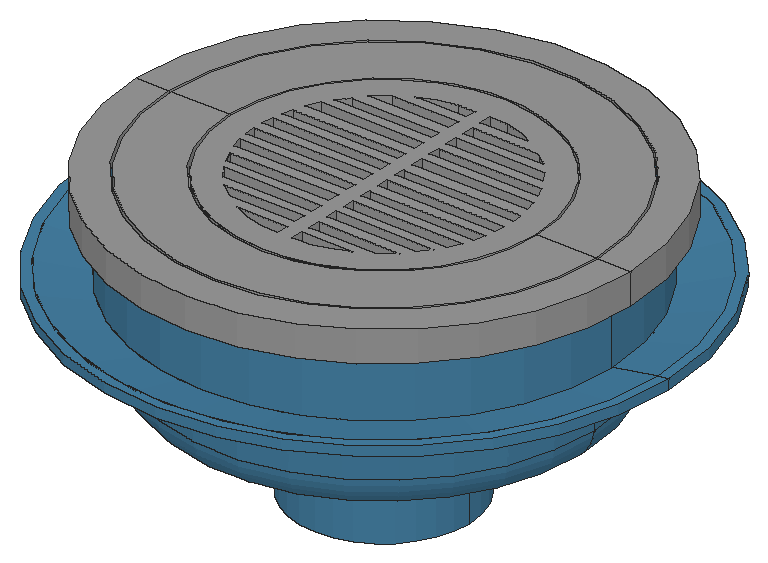
Revit family "Drain_Floor_Medium-Duty_Zurn-Z540_Sur-Set_Bucket", category Plumbing Fixtures, Revit 2022
Family settings
  Round Connector Dimension = Use Radius
  Part Type = Normal
  OmniClass Number = 23.45.55.21
  OmniClass Title = Drains (Wastes)
  Work Plane-Based = No
  Always vertical = Yes
  Cut with Voids When Loaded = No
  Maintain Annotation Orientation = No
  Shared = No
  Room Calculation Point = No
Parameters (values of type "Load Family Type Catalog")
  ZN-Top = yes
  Waste Connection = 1 = 1  # yes
  WFU = 0  # constant formula
  Vent Connection = 1 = 0  # no
  URL = "www.zurn.com"
  Type Comments = "ZN540-4 Inch No-Hub Outlet with Polished Nickel Bronze Top"
  Trap Primer = 1 = 1  # yes
  Top diameter = 1' - 1"
  Outlet Radius = 0' - 2"
  Outlet Outer Radius = 0' - 2 1/4"
  Grate Open Area (Sq. In) = "18"  # constant formula
  Top = Bronze - Zurn - Polished Nickel
  Product data url = "https://bimobject.com/zurnindustries/product/zurn-z540"
  Product Page URL = "http://www.zurn.com/products/building-drainage/floor-drains/area-drains/z540"
  Product Installation Sheet URL = "https://files.zurn.com/care-cleaning-install-warranty-sheets/fd90.pdf"
  Product Documentation Link = "https://files.zurn.com/spec-sheets/z540.pdf"
  Frame Height = 0' - 2 3/16"
  Model = "Z540"  # constant formula
  Main Material = Iron - Zurn - Cast - Painted - Blue
  HWFU = 0  # constant formula
  HW Connection = 1 = 0  # no
  Description = "12-1/4 Diameter Top Medium-Duty Drain with Sur-Set Bucket"  # constant formula
  CWFU = 0  # constant formula
  CW Connection = 1 = 0  # no
  Assembly Code = "D2030300"
  Modified Date = "October 28, 2025"  # constant formula
  Manufacurer Brand = "Zurn"  # constant formula
  Manufacturer = "Zurn Water, LLC"  # constant formula
  E_ Body Height = 0' - 5 1/4"
  Default Elevation = 0' - 4"  # constant formula
  Date Created = "January 6, 2017"  # constant formula
Reference planes (in)
  plane 1 "Center (Front/Back)": y = 0
  plane 2 "Top of Body": z = -2.1875
  plane 3 "Center (Left/Right)": x = 0
  plane 4: through (-4.38902, 4.38902, 48) normal (0.7071, 0.7071, 0)
  plane 5: through (4.7432, 4.7432, 48) normal (0.7071, -0.7071, 0)
  plane 6: x = -7.5
  plane 7: x = 7.5
  plane 8: x = -6.125
  plane 9: x = 6.125
  plane 10: x = -5.8125
  plane 11: x = 5.8125
  plane 12: x = -5.6875
  plane 13: x = 5.6875
  plane 14: z = -0.3125
  plane 15: z = -0.8125
  plane 16: x = -7.25
  plane 17: x = 7.25
  plane 18: x = -6
  plane 19: x = -2.25
  plane 20: x = 2.25
  plane 21: x = -2
  plane 22: x = 2
  plane 23: z = -4.75
  plane 24: z = -5
  plane 25: x = -5.4375
  plane 26: z = -7.4375
  plane 27: z = -2.4375
  plane 28: z = -0.1875
  plane 29: y = 0.5
  plane 30: y = 5.5
  plane 31: y = 5
  plane 32: y = 3.75
  plane 33: y = 2
  plane 34: y = 4.375
  plane 35: y = -0.5
  plane 36: y = -3.75
  plane 37: y = -4.375
  plane 38: y = -5.5
  plane 39: y = -5
  plane 40: y = -2
  plane 41: y = 2.25
  plane 42: y = -2.25
  plane 43: x = -6.5
  plane 44: x = 6.5
  plane 45: y = 6.5
  plane 46: y = -6.5
  plane 47: x = 5.65625
  plane 48: x = 5.59375
  plane 49: z = -0.4375
  plane 50: x = 4.0625
  plane 51: z = 0.188
  plane 52: x = -5.65625
  plane 53: x = 3.82152
  plane 54: x = 3.66622
  plane 55: y = 1
  plane 56: y = 2
  plane 57: y = 3
  plane 58: y = -1
  plane 59: y = -2
  plane 60: y = -3
  plane 61: x = -1
  plane 62: x = -2
  plane 63: x = -3
  plane 64: x = 1
  plane 65: x = 2
  plane 66: x = 3
  plane 67: x = 1
Forms (in)
  Revolve 1, solid, material "Iron - Zurn - Cast - Painted - Blue" <- "Main Material", detail levels fine
    sketch origin (0, 0, 0) x (1, 0, 0) y (0, 0, 1)
      loop
        line (-7.5, -2.1875) -> (-7.5, -2.4375) -> (-7.27407, -2.4375) -> (-6.12272, -2.6613)
        arc (-6.12272, -2.6613) -> (-5.77751, -2.85661) -> (-5.61935, -3.22035) r 0.625
        line (-5.61935, -3.22035) -> (-5.54351, -4.08716)
        arc (-5.54351, -4.08716) -> (-5.22291, -4.73728) -> (-4.54732, -5) r 1
        line (-4.54732, -5) -> (-2.75, -5)
        arc (-2.75, -5) -> (-2.39645, -5.14645) -> (-2.25, -5.5) r 0.5
        line (-2.25, -5.5) -> (-2.25, -7.4375) -> (-2, -7.4375) -> (-2, -4.75) -> (-4.54732, -4.75)
        arc (-4.54732, -4.75) -> (-5.05401, -4.55296) -> (-5.29447, -4.06537) r 0.75
        line (-5.29447, -4.06537) -> (-5.4375, -2.43048) -> (-6, -2.43048) -> (-7.25, -2.1875) -> (-7.5, -2.1875)
      axis (0, -7.4375) -> (0, -2.1875)
    angle from 0 to 360
  Revolve 2, solid, material "Iron - Zurn - Cast - Painted - Blue" <- "Main Material", detail levels fine
    sketch origin (0, 0, 0) x (1, 0, 0) y (0, 0, 1)
      loop
        line (-6.125, -0.1875) -> (-6.125, -0.3125) -> (-6, -0.3125) -> (-6, -2.4375) -> (-5.65625, -2.4375) -> (-5.65625, -0.1875) -> (-6.125, -0.1875)
      axis (0, -0.1875) -> (0, -2.4375)
    angle from 0 to 360
  Revolve 3, solid, material "Bronze - Zurn - Polished Nickel" <- "Top", visible <- "ZN-Top", detail levels fine
    sketch origin (0, 0, 0) x (1, 0, 0) y (0, 0, 1)
      loop
        line (5.65625, -0.1875) -> (6.125, -0.1875) -> (6.125, -0.8125) -> (6.5, -0.8125) -> (6.5, 0) -> (5.65625, 0) -> (5.65625, -0.1875)
      axis (0, 0) -> (0, -0.8125)
    angle from 0 to 360
  Revolve 4, solid, material "Bronze - Zurn - Polished Nickel" <- "Top", detail levels fine
    sketch origin (0, 0, 0) x (1, 0, 0) y (0, 0, 1)
      loop
        arc (3.34031, -3.23154) -> (3.6343, -3.13864) -> (3.82152, -2.89366) r 0.5116
        line (3.82152, -2.89366) -> (3.82152, -0.4375) -> (5.59375, -0.4375) -> (5.59375, 0) -> (4.0625, 0) -> (4.0625, -0.25) -> (3.66622, -0.25) -> (3.66622, -2.73272)
        arc (3.66622, -2.73272) -> (3.57504, -2.95286) -> (3.3549, -3.04404) r 0.31132
        line (3.3549, -3.04404) -> (0, -3.04404) -> (0, -3.23154) -> (3.34031, -3.23154)
      axis (0, 0) -> (0, -3.23154)
    angle from 0 to 360
Lines and regions (in)
  Filled region 1, type "Z540_Bkt.dwg-1", in view "Ref. Level"
    outline origin (0, 0, 0) x (1, 0, 0) y (0, 1, 0)
      loop
        line (15.88059, 10.28346) -> (16.07759, 10.24396) -> (16.07759, 10.32296) -> (15.88059, 10.28346)
  model lines, detail levels coarse+medium
    curve 1: line (-2.25, 0, -7.4375) -> (2.25, 0, -7.4375)
    curve 5: line (0, 0, -0.1875) -> (0, 0, -7.4375)
    curve 6: circle (0, 0, 0) r 6.125 normal (0, 0, 1)
    curve 7: circle (0, 0, 0) r 5.59375 normal (0, 0, 1)
    curve 8: circle (0, 0, 0) r 4.66453 normal (0, 0, 1)
    curve 9: line (0, -2, -7.4375) -> (0, 2, -7.4375)
    curve 10: line (-3.68836, 1, 0) -> (3.68836, 1, 0)
    curve 11: line (-3.25638, 2, 0) -> (3.25638, 2, 0)
    curve 12: line (-2.36727, 3, 0) -> (2.36727, 3, 0)
    curve 13: line (-3.68836, 0, 0) -> (3.68836, 0, 0)
    curve 14: line (-3.68836, -1, 0) -> (3.68836, -1, 0)
    curve 15: line (-3.25638, -2, 0) -> (3.25638, -2, 0)
    curve 16: line (-2.36727, -3, 0) -> (2.36727, -3, 0)
    curve 17: line (0, 3.82152, 0) -> (0, -3.82152, 0)
    curve 18: line (-1, 3.68836, 0) -> (-1, -3.68836, 0)
    curve 19: line (-2, 3.25638, 0) -> (-2, -3.25638, 0)
    curve 20: line (-3, 2.36727, 0) -> (-3, -2.36727, 0)
    curve 21: line (1, 3.68836, 0) -> (1, -3.68836, 0)
    curve 22: line (2, 3.25638, 0) -> (2, -3.25638, 0)
    curve 23: line (3, 2.36727, 0) -> (3, -2.36727, 0)
    curve 24: circle (0, 0, 0) r 3.82152 normal (0, 0, 1)
  symbolic lines, detail levels coarse+medium
    curve 2: line (0, -2, -7.4375) -> (0, 2, -7.4375)
    curve 3: line (-2, 0, -7.4375) -> (2, 0, -7.4375)
    curve 4: line (0, 6.5, 0) -> (0, -6.5, 0)
Dimensions and locks (in)
  locked: plane 5 to plane 4
  level to plane 2 "Top of Body" = 0' - 2 3/16"
  equal spacing: plane 7, plane 3 "Center (Left/Right)", plane 6, locked at 7.5 each
  locked: plane 7 to plane 6 at 15
  equal spacing: plane 9, plane 3 "Center (Left/Right)", plane 8, locked at 6.125 each
  locked: plane 9 to plane 8 at 12.25
  locked: plane 10 to plane 8 at 0.3125
  locked: plane 9 to plane 11 at 0.3125
  locked: plane 12 to plane 8 at 0.4375
  locked: plane 9 to plane 13 at 0.4375
  locked: plane 16 to plane 6 at 0.25
  locked: plane 7 to plane 17 at 0.25
  locked: plane 18 to plane 6 at 1.5
  locked: plane 2 "Top of Body" to plane 23 at 2.5625
  locked: plane 23 to plane 24 at 0.25
  locked: plane 25 to plane 6 at 2.0625
  "E_ Body Height": plane 2 "Top of Body" to plane 26
  locked: plane 2 "Top of Body" to plane 27 at 0.25
  locked: Revolve 1 sketch curve to Revolve 1 sketch curve at 0.25  (x2)
  locked: plane 3 "Center (Left/Right)" to Revolve 1 sketch curve at 6.24197
  locked: plane 2 "Top of Body" to Revolve 1 sketch curve at 1.08732
  plane 25 to Revolve 1 sketch curve = 0' - 0.89018"
  Revolve 1 sketch curve to plane 24 = 0' - 1"
  locked: Revolve 1 sketch curve to plane 19 at 0.5
  locked: plane 24 to Revolve 1 sketch curve at 0.5
  locked: plane 28 to plane 14 at 0.125
  locked: plane 28 to plane 15 at 0.625
  locked: plane 28 to plane 2 "Top of Body" at 2
  locked: Revolve 3 sketch curve to plane 9 at 0.375
  locked: Revolve 3 sketch curve to plane 28 at 0.1875
  "Frame Height": level to plane 2 "Top of Body"
  locked: plane 1 "Center (Front/Back)" to plane 29 at 0.5
  locked: plane 30 to plane 1 "Center (Front/Back)" at 5.5
  plane 30 to plane 31 = 0' - 0 1/2"
  locked: plane 32 to plane 33 at 1.75
  locked: plane 34 to plane 31 at 0.625
  plane 40 to plane 36 = 0' - 1 3/4"
  plane 36 to plane 37 to plane 39 to plane 38 = 0' - 0 5/8" locked, 0' - 0 5/8" locked, 0' - 0 1/2" locked
  locked: plane 38 to plane 1 "Center (Front/Back)" at 5.5
  locked: plane 1 "Center (Front/Back)" to plane 35 at 0.5
  locked: plane 34 to plane 32 at 0.625
  locked: plane 41 to plane 42 at 4.5
  equal spacing: plane 41, plane 1 "Center (Front/Back)", plane 42
  "Top diameter": plane 44 to plane 43
  equal spacing: plane 44, plane 3 "Center (Left/Right)", plane 43
  "Top diameter": plane 45 to plane 46
  equal spacing: plane 45, plane 1 "Center (Front/Back)", plane 46
  "Outlet Outer Radius": plane 19 to plane 3 "Center (Left/Right)"
  "Outlet Outer Radius": plane 20 to plane 3 "Center (Left/Right)"
  "Outlet Radius": plane 3 "Center (Left/Right)" to plane 21
  "Outlet Radius": plane 22 to plane 3 "Center (Left/Right)"
  locked: plane 48 to plane 3 "Center (Left/Right)" at 5.59375
  locked: level to plane 49 at 0.4375
  locked: Revolve 4 sketch curve to Revolve 4 sketch curve at 0.1875  (x2)
  locked: plane 47 to plane 3 "Center (Left/Right)" at 5.65625
  locked: plane 3 "Center (Left/Right)" to plane 52 at 5.65625
  Revolve 4 sketch curve to Revolve 4 sketch curve = 0' - 0.15529"
  locked: plane 48 to plane 50 at 1.53125
  locked: plane 50 to plane 54 at 0.39628
  locked: plane 54 to plane 53 at 0.15529
  locked: Revolve 4 sketch curve to Revolve 4 sketch curve at 2.60654
  locked: plane 1 "Center (Front/Back)" to plane 55 at 1
  locked: plane 56 to plane 55 at 1
  locked: plane 57 to plane 56 at 1
  locked: plane 1 "Center (Front/Back)" to plane 58 at 1
  locked: plane 59 to plane 58 at 1
  locked: plane 60 to plane 59 at 1
  locked: plane 61 to plane 3 "Center (Left/Right)" at 1
  locked: plane 62 to plane 61 at 1
  locked: plane 63 to plane 62 at 1
  locked: plane 64 to plane 3 "Center (Left/Right)" at 1
  locked: plane 65 to plane 64 at 1
  locked: plane 66 to plane 65 at 1
  radius of Revolve 1 sketch curve = 0' - 0 5/8"
  radius of Revolve 1 sketch curve = 0' - 0 3/4"
  radius of Revolve 1 sketch curve = 0' - 1"  (x2)
  radius of Revolve 1 sketch curve = 0' - 0 1/2"
  angle Revolve 1 sketch curve to Revolve 1 sketch curve = 95.00°
  angle Revolve 1 sketch curve to plane 2 "Top of Body" = 11.00°
  aligned and locked: Revolve 1 sketch curve to plane 6
  aligned and locked: plane 16 to Revolve 1 sketch curve
  aligned and locked: Revolve 1 sketch curve to plane 2 "Top of Body"
  aligned and locked: Revolve 1 sketch curve to plane 23
  aligned and locked: Revolve 1 sketch curve to plane 19
  aligned and locked: Revolve 1 sketch curve to plane 21
  aligned and locked: plane 23 to Revolve 1 sketch curve
  aligned and locked: plane 3 "Center (Left/Right)" to Revolve 1 sketch curve
  aligned and locked: plane 26 to Revolve 1 sketch curve
  aligned and locked: Revolve 1 sketch curve to plane 27
  aligned and locked: plane 18 to Revolve 1 sketch curve
  aligned and locked: plane 25 to Revolve 1 sketch curve
  aligned and locked: plane 8 to Revolve 2 sketch curve
  aligned and locked: plane 18 to Revolve 2 sketch curve
  aligned and locked: plane 14 to Revolve 2 sketch curve
  aligned and locked: Revolve 2 sketch curve to plane 28
  aligned and locked: level to Revolve 2 sketch curve
  aligned and locked: Revolve 2 sketch curve to Revolve 1
  aligned and locked: Revolve 2 sketch curve to plane 3 "Center (Left/Right)"
  aligned and locked: plane 27 to Revolve 2 sketch curve
  aligned and locked: Revolve 3 sketch curve to plane 15
  aligned and locked: Revolve 3 sketch curve to plane 28
  aligned and locked: Revolve 3 sketch curve to plane 9
  aligned and locked: level to Revolve 3 sketch curve
  aligned and locked: Revolve 3 sketch curve to Revolve 1
  aligned and locked: Revolve 3 sketch curve to plane 3 "Center (Left/Right)"
  aligned and locked: plane 19 to curve 1
  aligned and locked: plane 20 to curve 1
  aligned and locked: curve 1 to plane 26
  aligned and locked: plane 26 to curve 2
  aligned and locked: curve 3 to plane 26
  aligned and locked: plane 46 to curve 4
  aligned and locked: plane 45 to curve 4
  aligned and locked: curve 4 to level
  aligned and locked: Revolve 3 sketch curve to plane 47
  aligned and locked: Revolve 4 sketch curve to plane 3 "Center (Left/Right)"
  aligned and locked: Revolve 2 sketch curve to plane 52
  aligned and locked: level to Revolve 4 sketch curve
  aligned and locked: Revolve 4 sketch curve to plane 49
  aligned and locked: curve 5 to plane 3 "Center (Left/Right)"
  aligned and locked: curve 5 to Revolve 2
  aligned and locked: curve 9 to plane 26
  aligned and locked: Revolve 4 sketch curve to plane 53
  aligned and locked: Revolve 4 sketch curve to plane 54
  aligned and locked: plane 57 to curve 12
  aligned and locked: plane 56 to curve 11
  aligned and locked: curve 10 to plane 55
  aligned and locked: plane 58 to curve 14
  aligned and locked: plane 59 to curve 15
  aligned and locked: plane 60 to curve 16
  aligned and locked: plane 67 to curve 21
  aligned and locked: plane 65 to curve 22
  aligned and locked: plane 66 to curve 23
Automatic sketch dimensions
  Filled region 1 sketch curve to plane 45 = 0' - 3.78346"  (x2)
  plane 7 to Filled region 1 sketch curve = 0' - 8.38059"
  Filled region 1 sketch curve to Filled region 1 sketch curve = 0' - 0"  (x5)
  Filled region 1 sketch curve to Filled region 1 sketch curve = 0' - 0.197"
  Filled region 1 sketch curve to plane 45 = 0' - 3.74396"
  Filled region 1 sketch curve to plane 45 = 0' - 3.82296"
  Revolve 1 sketch curve to level = 0' - 0"
  Revolve 1 sketch curve to plane 26 = 0' - 1.42324"
  Revolve 4 sketch curve to plane 3 "Center (Left/Right)" = 0' - 0"
  Revolve 4 sketch curve to plane 50 = 0' - 0"
  Revolve 4 sketch curve to plane 48 = 0' - 0"
  Revolve 4 sketch curve to Revolve 4 sketch curve = 0' - 0.0146"
  Revolve 4 sketch curve to plane 27 = 0' - 0.29522"
  Revolve 4 sketch curve to plane 27 = 0' - 0.45616"
  plane 23 to Revolve 4 sketch curve = 0' - 0 9/16"
  Revolve 4 sketch curve to plane 51 = 0' - 3.812"
  curve 9 to plane 40 = 0' - 0"
  plane 29 to curve 9 = 0' - 1 1/2"
  curve 3 to plane 22 = 0' - 0"
  curve 3 to plane 21 = 0' - 0"
  curve 2 to plane 40 = 0' - 0"
  curve 2 to plane 33 = 0' - 0"
  Revolve 3 sketch curve to plane 47 = 0' - 0"
  curve 6 to curve 7 = 0' - 0"
  curve 6 to curve 8 = 0' - 0"  (x2)
  curve 7 to curve 8 = 0' - 0"
  curve 7 to curve 24 = 0' - 0"
  curve 8 to curve 24 = 0' - 0"
  plane 1 "Center (Front/Back)" to curve 13 = 0' - 0"
  curve 20 to plane 63 = 0' - 0"
  curve 19 to plane 21 = 0' - 0"
  curve 18 to plane 61 = 0' - 0"
  plane 1 "Center (Front/Back)" to curve 7 = 0' - 0"
  curve 7 to plane 3 "Center (Left/Right)" = 0' - 0"
  curve 17 to plane 3 "Center (Left/Right)" = 0' - 0"
  curve 13 to plane 63 = 0' - 0.68836"
  curve 13 to plane 66 = 0' - 0.68836"
  plane 36 to curve 18 = 0' - 0.06164"
  radius of curve 6 = 0' - 6 1/8"
  radius of curve 7 = 0' - 5 19/32"
  radius of curve 8 = 0' - 4.66453"
Nested families (in)
  nested 1: "Z540_grate" at (0, 0, 0), type "grate", detail levels fine
Connectors (in)
  piping at (0, 0, -7.4375), diameter 4, driven by "Outlet Radius", driven by "Waste Connection"
    settings: on Revolve 1, index 1, connector inside diameter 24", connector length 0' - 0", flow factor 0, pipe flow 0 GPM, pressure drop 0.00 psi, fitting loss kfactor 0, connector angle 0.00°, fixture units 0, engagement length 0' - 0", angle of deflection 0.00°, flow configuration 0, flow direction 2, fitting loss method 0, system type 16, joint type 0, gender type 0, connector reference index -1, connector utility 1, adjustable connector no, is connector primary yes, connector description "Sanitary Outlet"
Definition of nested family "Z540_grate"
  Parameters (values of type "grate")
    ZN-Top = yes
    Waste Connection = 1 = 1  # yes
    WFU = 0  # constant formula
    Vent Connection = 1 = 0  # no
    URL = "www.zurn.com"
    Type Comments = "ZN541-4 Inch Neo-Loc Outlet with Polished Nickel Bronze Top"
    Trap Primer = 1 = 1  # yes
    Top = none
    Product data url = "https://www.bimobject.com/en/zurnindustries/product/zurn-z541"
    Product Page URL = "https://www.zurn.com/products/drainage-interceptors/floor-drains/area-drains/z541"
    Product Installation Sheet URL = "https://www.zurn.com/media-library/web_documents/pdfs/installation/fd19-pdf.pdf"
    Product Documentation Link = "https://files.zurn.com/spec-sheets/z541.pdf"
    Model = "Z540"  # constant formula
    HWFU = 0  # constant formula
    HW Connection = 1 = 0  # no
    Description = "12-1/4 Diameter Top Medium-Duty Drain with Sur-Set Bucket"
    CWFU = 0  # constant formula
    CW Connection = 1 = 0  # no
    Assembly Code = "D2030300"
    Modified Date = "October 28, 2025"  # constant formula
    Manufacurer Brand = "Zurn"  # constant formula
    Manufacturer = "Zurn Water, LLC"  # constant formula
    Default Elevation = 0' - 4"  # constant formula
    Date Created = "January 6, 2017"  # constant formula
  Reference planes (in)
    plane 1 "Center (Front/Back)": y = 0
    plane 2: z = -2
    plane 3 "Center (Left/Right)": x = 0
    plane 4: through (-4.38902, 4.38902, 48) normal (0.7071, 0.7071, 0)
    plane 5: through (4.7432, 4.7432, 48) normal (0.7071, -0.7071, 0)
    plane 6: z = 0
    plane 7: y = 2.25
    plane 8: y = -2.25
    plane 9: y = 0.125
    plane 10: y = 0.4375
    plane 11: y = 0.6875
    plane 12: y = 1
    plane 13: x = 0.1875
    plane 14: x = -0.1875
  Forms (in)
    Extrusion 1, solid, material <- "Top"
      sketch origin (0, 0, 0) x (1, 0, 0) y (0, 1, 0)
        loop
          circle (0, 0) r 4
        loop
          arc (1.53093, 2.9375) -> (1.09687, 3.12563) -> (0.64043, 3.25) r 3.3125
          line (0.64043, 3.25) -> (0.1875, 3.25) -> (0.1875, 2.9375) -> (1.53093, 2.9375)
        loop
          line (0.1875, 0.4375) -> (0.1875, 0.125) -> (3.31014, 0.125)
          arc (3.31014, 0.125) -> (3.30051, 0.28157) -> (3.28348, 0.4375) r 3.3125
          line (3.28348, 0.4375) -> (0.1875, 0.4375)
        loop
          line (0.1875, 1) -> (0.1875, 0.6875) -> (3.24037, 0.6875)
          arc (3.24037, 0.6875) -> (3.20297, 0.84476) -> (3.15795, 1) r 3.3125
          line (3.15795, 1) -> (0.1875, 1)
        loop
          line (0.1875, 1.5625) -> (0.1875, 1.25) -> (3.0676, 1.25)
          arc (3.0676, 1.25) -> (2.99829, 1.40816) -> (2.92083, 1.5625) r 3.3125
          line (2.92083, 1.5625) -> (0.1875, 1.5625)
        loop
          line (0.1875, 2.125) -> (0.1875, 1.8125) -> (2.77263, 1.8125)
          arc (2.77263, 1.8125) -> (2.66144, 1.97215) -> (2.54107, 2.125) r 3.3125
          line (2.54107, 2.125) -> (0.1875, 2.125)
        loop
          line (0.1875, 2.6875) -> (0.1875, 2.375) -> (2.30912, 2.375)
          arc (2.30912, 2.375) -> (2.12855, 2.5381) -> (1.93649, 2.6875) r 3.3125
          line (1.93649, 2.6875) -> (0.1875, 2.6875)
        loop
          line (-1.53093, 2.9375) -> (-0.1875, 2.9375) -> (-0.1875, 3.25) -> (-0.64043, 3.25)
          arc (-0.64043, 3.25) -> (-1.09687, 3.12563) -> (-1.53093, 2.9375) r 3.3125
        loop
          line (-0.1875, 0.4375) -> (-3.28348, 0.4375)
          arc (-3.28348, 0.4375) -> (-3.30051, 0.28157) -> (-3.31014, 0.125) r 3.3125
          line (-3.31014, 0.125) -> (-0.1875, 0.125) -> (-0.1875, 0.4375)
        loop
          line (-0.1875, 0.96959) -> (-3.16742, 0.96959)
          arc (-3.16742, 0.96959) -> (-3.20834, 0.82642) -> (-3.24279, 0.68155) r 3.31214
          line (-3.24279, 0.68155) -> (-0.1875, 0.68155) -> (-0.1875, 0.96959)
        loop
          line (-0.1875, 1.5625) -> (-2.92083, 1.5625)
          arc (-2.92083, 1.5625) -> (-2.99829, 1.40816) -> (-3.0676, 1.25) r 3.3125
          line (-3.0676, 1.25) -> (-0.1875, 1.25) -> (-0.1875, 1.5625)
        loop
          line (-0.1875, 2.125) -> (-2.54107, 2.125)
          arc (-2.54107, 2.125) -> (-2.66144, 1.97215) -> (-2.77263, 1.8125) r 3.3125
          line (-2.77263, 1.8125) -> (-0.1875, 1.8125) -> (-0.1875, 2.125)
        loop
          line (-0.1875, 2.6875) -> (-1.93649, 2.6875)
          arc (-1.93649, 2.6875) -> (-2.12855, 2.5381) -> (-2.30912, 2.375) r 3.3125
          line (-2.30912, 2.375) -> (-0.1875, 2.375) -> (-0.1875, 2.6875)
        loop
          line (1.53093, -2.9375) -> (0.1875, -2.9375) -> (0.1875, -3.25) -> (0.64043, -3.25)
          arc (0.64043, -3.25) -> (1.09687, -3.12563) -> (1.53093, -2.9375) r 3.3125
        loop
          line (0.1875, -0.4375) -> (3.28348, -0.4375)
          arc (3.28348, -0.4375) -> (3.30051, -0.28157) -> (3.31014, -0.125) r 3.3125
          line (3.31014, -0.125) -> (0.1875, -0.125) -> (0.1875, -0.4375)
        loop
          line (0.1875, -1) -> (3.15795, -1)
          arc (3.15795, -1) -> (3.20297, -0.84476) -> (3.24037, -0.6875) r 3.3125
          line (3.24037, -0.6875) -> (0.1875, -0.6875) -> (0.1875, -1)
        loop
          line (0.1875, -1.5625) -> (2.92083, -1.5625)
          arc (2.92083, -1.5625) -> (2.99829, -1.40816) -> (3.0676, -1.25) r 3.3125
          line (3.0676, -1.25) -> (0.1875, -1.25) -> (0.1875, -1.5625)
        loop
          line (0.1875, -2.125) -> (2.54107, -2.125)
          arc (2.54107, -2.125) -> (2.66144, -1.97215) -> (2.77263, -1.8125) r 3.3125
          line (2.77263, -1.8125) -> (0.1875, -1.8125) -> (0.1875, -2.125)
        loop
          line (0.1875, -2.6875) -> (1.93649, -2.6875)
          arc (1.93649, -2.6875) -> (2.12855, -2.5381) -> (2.30912, -2.375) r 3.3125
          line (2.30912, -2.375) -> (0.1875, -2.375) -> (0.1875, -2.6875)
        loop
          arc (-1.53093, -2.9375) -> (-1.09687, -3.12563) -> (-0.64043, -3.25) r 3.3125
          line (-0.64043, -3.25) -> (-0.1875, -3.25) -> (-0.1875, -2.9375) -> (-1.53093, -2.9375)
        loop
          line (-0.1875, -0.4375) -> (-0.1875, -0.125) -> (-3.31014, -0.125)
          arc (-3.31014, -0.125) -> (-3.30051, -0.28157) -> (-3.28348, -0.4375) r 3.3125
          line (-3.28348, -0.4375) -> (-0.1875, -0.4375)
        loop
          line (-0.1875, -0.96959) -> (-0.1875, -0.68155) -> (-3.24279, -0.68155)
          arc (-3.24279, -0.68155) -> (-3.20834, -0.82642) -> (-3.16742, -0.96959) r 3.31214
          line (-3.16742, -0.96959) -> (-0.1875, -0.96959)
        loop
          line (-0.1875, -1.5625) -> (-0.1875, -1.25) -> (-3.0676, -1.25)
          arc (-3.0676, -1.25) -> (-2.99829, -1.40816) -> (-2.92083, -1.5625) r 3.3125
          line (-2.92083, -1.5625) -> (-0.1875, -1.5625)
        loop
          line (-0.1875, -2.125) -> (-0.1875, -1.8125) -> (-2.77263, -1.8125)
          arc (-2.77263, -1.8125) -> (-2.66144, -1.97215) -> (-2.54107, -2.125) r 3.3125
          line (-2.54107, -2.125) -> (-0.1875, -2.125)
        loop
          line (-0.1875, -2.6875) -> (-0.1875, -2.375) -> (-2.30912, -2.375)
          arc (-2.30912, -2.375) -> (-2.12855, -2.5381) -> (-1.93649, -2.6875) r 3.3125
          line (-1.93649, -2.6875) -> (-0.1875, -2.6875)
      from 0 to -0.25
  Lines and regions (in)
    Filled region 1, type "Z540_Bkt.dwg-1", in view "Ref. Level"
      outline origin (0, 0, 0) x (1, 0, 0) y (0, 1, 0)
        loop
          line (15.88059, 18.81994) -> (16.07759, 18.78044) -> (16.07759, 18.85944) -> (15.88059, 18.81994)
    Filled region 2, type "Z540_Bkt.dwg-1", in view "Ref. Level"
      outline origin (0, 0, 0) x (1, 0, 0) y (0, 1, 0)
        loop
          line (15.88059, 9.90846) -> (16.07759, 9.86896) -> (16.07759, 9.94796) -> (15.88059, 9.90846)
  Text (in)
    text "D" at (16.0327, 19.29728, 0), in view "Ref. Level"
    text "D" at (16.0327, 9.98521, 0), in view "Ref. Level"
  Dimensions and locks (in)
    locked: plane 5 to plane 4
    level to plane 2 = 0' - 2"  (x2)
    locked: plane 7 to plane 8 at 4.5
    equal spacing: plane 7, plane 1 "Center (Front/Back)", plane 8
    plane 1 "Center (Front/Back)" to plane 9 to plane 10 to plane 11 to plane 12 = 0' - 0 1/8", 0' - 0 5/16", 0' - 0 1/4", 0' - 0 5/16"
    plane 3 "Center (Left/Right)" to Extrusion 1 = 0' - 0 3/16"
    diameter of Extrusion 1 sketch curve = 0' - 8"
    aligned and locked: plane 3 "Center (Left/Right)" to Extrusion 1 sketch curve
    aligned and locked: plane 1 "Center (Front/Back)" to Extrusion 1 sketch curve
    aligned and locked: plane 13 to Extrusion 1 sketch curve  (x2)
  Automatic sketch dimensions
    Filled region 1 sketch curve to Filled region 1 sketch curve = 0' - 0"  (x6)
    Filled region 1 sketch curve to Filled region 1 sketch curve = 0' - 0.197"
    Filled region 1 sketch curve to Filled region 1 sketch curve = 0' - 0.0395"
    Filled region 1 sketch curve to Filled region 1 sketch curve = 0' - 0.079"
    Filled region 2 sketch curve to Filled region 2 sketch curve = 0' - 0"  (x6)
    Filled region 2 sketch curve to Filled region 2 sketch curve = 0' - 0.197"
    plane 3 "Center (Left/Right)" to Filled region 1 sketch curve = 1' - 3.88059"
    plane 3 "Center (Left/Right)" to Filled region 2 sketch curve = 1' - 3.88059"
    plane 7 to Filled region 1 sketch curve = 1' - 4.53044"
    plane 7 to Filled region 2 sketch curve = 0' - 7.61896"
    Filled region 2 sketch curve to Filled region 2 sketch curve = 0' - 0.0395"
    Filled region 2 sketch curve to Filled region 2 sketch curve = 0' - 0.079"
    Extrusion 1 sketch curve to Extrusion 1 sketch curve = 0' - 0"  (x46)
    plane 9 to Extrusion 1 sketch curve = 0' - 0"  (x2)
    Extrusion 1 sketch curve to plane 10 = 0' - 0"
    Extrusion 1 sketch curve to plane 14 = 0' - 0"  (x12)
    Extrusion 1 sketch curve to plane 13 = 0' - 0"  (x10)
    plane 12 to Extrusion 1 sketch curve = 0' - 0"
    plane 11 to Extrusion 1 sketch curve = 0' - 0"
    plane 10 to Extrusion 1 sketch curve = 0' - 0"
    Extrusion 1 sketch curve to Extrusion 1 sketch curve = 0' - 0.45293"  (x2)
    plane 14 to Extrusion 1 sketch curve = 0' - 0.45293"
    Extrusion 1 sketch curve to Extrusion 1 sketch curve = 0' - 0.8905"  (x4)
    Extrusion 1 sketch curve to Extrusion 1 sketch curve = 0' - 0.40556"  (x4)
    plane 8 to Extrusion 1 sketch curve = 0' - 0 1/8"  (x2)
    Extrusion 1 sketch curve to Extrusion 1 sketch curve = 0' - 0.37263"  (x4)
    plane 7 to Extrusion 1 sketch curve = 0' - 0 1/8"  (x2)
    Extrusion 1 sketch curve to plane 7 = 0' - 0 1/8"  (x2)
    Extrusion 1 sketch curve to Extrusion 1 sketch curve = 0' - 0.23195"  (x4)
    Extrusion 1 sketch curve to plane 8 = 0' - 0 1/8"  (x2)
    Extrusion 1 sketch curve to Extrusion 1 sketch curve = 0' - 0.23157"  (x4)
    Extrusion 1 sketch curve to Extrusion 1 sketch curve = 0' - 0.1482"  (x4)
    Extrusion 1 sketch curve to Extrusion 1 sketch curve = 0' - 0.14677"  (x4)
    Extrusion 1 sketch curve to plane 12 = 0' - 0 1/4"  (x2)
    plane 12 to Extrusion 1 sketch curve = 0' - 0.03041"
    Extrusion 1 sketch curve to Extrusion 1 sketch curve = 0' - 0.09982"  (x2)
    Extrusion 1 sketch curve to Extrusion 1 sketch curve = 0' - 0.07537"  (x2)
    plane 11 to Extrusion 1 sketch curve = 0' - 0.00595"
    Extrusion 1 sketch curve to Extrusion 1 sketch curve = 0' - 0.04069"  (x2)
    plane 1 "Center (Front/Back)" to Extrusion 1 sketch curve = 0' - 0 1/8"  (x2)
    Extrusion 1 sketch curve to plane 3 "Center (Left/Right)" = 0' - 0.00409"  (x2)
    plane 13 to Extrusion 1 sketch curve = 0' - 0.45293"
    Extrusion 1 sketch curve to Extrusion 1 sketch curve = 0' - 0.09035"  (x2)
    Extrusion 1 sketch curve to Extrusion 1 sketch curve = 0' - 0.08242"
    Extrusion 1 sketch curve to Extrusion 1 sketch curve = 0' - 0.04311"  (x2)
    Extrusion 1 sketch curve to Extrusion 1 sketch curve = 0' - 0 1/4"  (x7)
    Extrusion 1 sketch curve to Extrusion 1 sketch curve = 0' - 0.28041"
    Extrusion 1 sketch curve to Extrusion 1 sketch curve = 0' - 0.24405"
Types in the file's own list only (32): name | ZN-Top | Type Comments | Top diameter | Outlet Radius | Outlet Outer Radius | Top | Product data url | Product Page URL | Product Installation Sheet URL | Product Documentation Link | Frame Height | E_ Body Height
  ZN541-4NL | Yes | "ZN541-4 Inch Neo-Loc Outlet with Polished Nickel Bronze Top" | 1' - 1" | 0' - 2" | 0' - 2 1/4" | Bronze - Zurn - Polished Nickel | "https://www.bimobject.com/en/zurnindustries/product/zurn-z541" | "https://www.zurn.com/products/drainage-interceptors/floor-drains/area-drains/z541" | "https://www.zurn.com/media-library/web_documents/pdfs/installation/fd19-pdf.pdf" | "https://files.zurn.com/spec-sheets/z541.pdf" | 0' - 2 3/16" | 0' - 4 5/8"
  ZN541-3NL | Yes | "ZN541-3 Inch Neo-Loc Outlet with Polished Nickel Bronze Top" | 1' - 1" | 0' - 1 1/2" | 0' - 1 3/4" | Bronze - Zurn - Polished Nickel | "https://www.bimobject.com/en/zurnindustries/product/zurn-z541" | "https://www.zurn.com/products/drainage-interceptors/floor-drains/area-drains/z541" | "https://www.zurn.com/media-library/web_documents/pdfs/installation/fd19-pdf.pdf" | "https://files.zurn.com/spec-sheets/z541.pdf" | 0' - 2 3/16" | 0' - 4 5/8"
  ZN541-2NL | Yes | "ZN541-2 Inch Neo-Loc Outlet with Polished Nickel Bronze Top" | 1' - 1" | 0' - 1" | 0' - 1 3/16" | Bronze - Zurn - Polished Nickel | "https://www.bimobject.com/en/zurnindustries/product/zurn-z541" | "https://www.zurn.com/products/drainage-interceptors/floor-drains/area-drains/z541" | "https://www.zurn.com/media-library/web_documents/pdfs/installation/fd19-pdf.pdf" | "https://files.zurn.com/spec-sheets/z541.pdf" | 0' - 2 3/16" | 0' - 4 5/8"
  ZN541-8NH | Yes | "ZN541-8 Inch No-Hub Outlet with Polished Nickel Bronze Top" | 1' - 1" | 0' - 4" | 0' - 4 5/16" | Bronze - Zurn - Polished Nickel | "https://www.bimobject.com/en/zurnindustries/product/zurn-z541" | "https://www.zurn.com/products/drainage-interceptors/floor-drains/area-drains/z541" | "https://www.zurn.com/media-library/web_documents/pdfs/installation/fd19-pdf.pdf" | "https://files.zurn.com/spec-sheets/z541.pdf" | 0' - 2 3/16" | 0' - 5 1/4"
  ZN541-6NH | Yes | "ZN541-6 Inch No-Hub Outlet with Polished Nickel Bronze Top" | 1' - 1" | 0' - 3" | 0' - 3 5/16" | Bronze - Zurn - Polished Nickel | "https://www.bimobject.com/en/zurnindustries/product/zurn-z541" | "https://www.zurn.com/products/drainage-interceptors/floor-drains/area-drains/z541" | "https://www.zurn.com/media-library/web_documents/pdfs/installation/fd19-pdf.pdf" | "https://files.zurn.com/spec-sheets/z541.pdf" | 0' - 2 3/16" | 0' - 5 1/4"
  ZN540-4NH Outlet | Yes | "ZN540-4 Inch No-Hub Outlet with Polished Nickel Bronze Top" | 1' - 1" | 0' - 2" | 0' - 2 1/4" | Bronze - Zurn - Polished Nickel | "https://bimobject.com/zurnindustries/product/zurn-z540" | "http://www.zurn.com/products/building-drainage/floor-drains/area-drains/z540" | "https://files.zurn.com/care-cleaning-install-warranty-sheets/fd90.pdf" | "https://files.zurn.com/spec-sheets/z540.pdf" | 0' - 2 3/16" | 0' - 5 1/4"
  ZN541-3NH | Yes | "ZN541-3 Inch No-Hub Outlet with Polished Nickel Bronze Top" | 1' - 1" | 0' - 1 1/2" | 0' - 1 3/4" | Bronze - Zurn - Polished Nickel | "https://www.bimobject.com/en/zurnindustries/product/zurn-z541" | "https://www.zurn.com/products/drainage-interceptors/floor-drains/area-drains/z541" | "https://www.zurn.com/media-library/web_documents/pdfs/installation/fd19-pdf.pdf" | "https://files.zurn.com/spec-sheets/z541.pdf" | 0' - 2 3/16" | 0' - 5 1/4"
  ZN541-2NH | Yes | "ZN541-2 Inch No-Hub Outlet with Polished Nickel Bronze Top" | 1' - 1" | 0' - 1" | 0' - 1 3/16" | Bronze - Zurn - Polished Nickel | "https://www.bimobject.com/en/zurnindustries/product/zurn-z541" | "https://www.zurn.com/products/drainage-interceptors/floor-drains/area-drains/z541" | "https://www.zurn.com/media-library/web_documents/pdfs/installation/fd19-pdf.pdf" | "https://files.zurn.com/spec-sheets/z541.pdf" | 0' - 2 3/16" | 0' - 5 1/4"
  ZN541-8IP | Yes | "ZN541-8 Inch Threaded Outlet with Polished Nickel Bronze Top" | 1' - 1" | 0' - 4" | 0' - 4 5/16" | Bronze - Zurn - Polished Nickel | "https://www.bimobject.com/en/zurnindustries/product/zurn-z541" | "https://www.zurn.com/products/drainage-interceptors/floor-drains/area-drains/z541" | "https://www.zurn.com/media-library/web_documents/pdfs/installation/fd19-pdf.pdf" | "https://files.zurn.com/spec-sheets/z541.pdf" | 0' - 2 3/16" | 0' - 3 3/4"
  ZN541-6IP | Yes | "ZN541-6 Inch Threaded Outlet with Polished Nickel Bronze Top" | 1' - 1" | 0' - 3" | 0' - 3 5/16" | Bronze - Zurn - Polished Nickel | "https://www.bimobject.com/en/zurnindustries/product/zurn-z541" | "https://www.zurn.com/products/drainage-interceptors/floor-drains/area-drains/z541" | "https://www.zurn.com/media-library/web_documents/pdfs/installation/fd19-pdf.pdf" | "https://files.zurn.com/spec-sheets/z541.pdf" | 0' - 2 3/16" | 0' - 3 3/4"
  ZN541-4IP | Yes | "ZN541-4 Inch Threaded Outlet with Polished Nickel Bronze Top" | 1' - 1" | 0' - 2" | 0' - 2 1/4" | Bronze - Zurn - Polished Nickel | "https://www.bimobject.com/en/zurnindustries/product/zurn-z541" | "https://www.zurn.com/products/drainage-interceptors/floor-drains/area-drains/z541" | "https://www.zurn.com/media-library/web_documents/pdfs/installation/fd19-pdf.pdf" | "https://files.zurn.com/spec-sheets/z541.pdf" | 0' - 2 3/16" | 0' - 3 3/4"
  ZN541-3IP | Yes | "ZN541-3 Inch Threaded Outlet with Polished Nickel Bronze Top" | 1' - 1" | 0' - 1 1/2" | 0' - 1 3/4" | Bronze - Zurn - Polished Nickel | "https://www.bimobject.com/en/zurnindustries/product/zurn-z541" | "https://www.zurn.com/products/drainage-interceptors/floor-drains/area-drains/z541" | "https://www.zurn.com/media-library/web_documents/pdfs/installation/fd19-pdf.pdf" | "https://files.zurn.com/spec-sheets/z541.pdf" | 0' - 2 3/16" | 0' - 3 3/4"
  ZN541-2IP | Yes | "ZN541-2 Inch Threaded Outlet with Polished Nickel Bronze Top" | 1' - 1" | 0' - 1" | 0' - 1 3/16" | Bronze - Zurn - Polished Nickel | "https://www.bimobject.com/en/zurnindustries/product/zurn-z541" | "https://www.zurn.com/products/drainage-interceptors/floor-drains/area-drains/z541" | "https://www.zurn.com/media-library/web_documents/pdfs/installation/fd19-pdf.pdf" | "https://files.zurn.com/spec-sheets/z541.pdf" | 0' - 2 3/16" | 0' - 3 3/4"
  ZN541-6IC | Yes | "ZN541-6 Inch Inside Caulk Outlet with Polished Nickel Bronze Top" | 1' - 1" | 0' - 3" | 0' - 3 5/16" | Bronze - Zurn - Polished Nickel | "https://www.bimobject.com/en/zurnindustries/product/zurn-z541" | "https://www.zurn.com/products/drainage-interceptors/floor-drains/area-drains/z541" | "https://www.zurn.com/media-library/web_documents/pdfs/installation/fd19-pdf.pdf" | "https://files.zurn.com/spec-sheets/z541.pdf" | 0' - 2 3/16" | 0' - 5 1/4"
  ZN541-4IC | Yes | "ZN541-4 Inch Inside Caulk Outlet with Polished Nickel Bronze Top" | 1' - 1" | 0' - 2" | 0' - 2 1/4" | Bronze - Zurn - Polished Nickel | "https://www.bimobject.com/en/zurnindustries/product/zurn-z541" | "https://www.zurn.com/products/drainage-interceptors/floor-drains/area-drains/z541" | "https://www.zurn.com/media-library/web_documents/pdfs/installation/fd19-pdf.pdf" | "https://files.zurn.com/spec-sheets/z541.pdf" | 0' - 2 3/16" | 0' - 5 1/4"
  ZN541-3IC | Yes | "ZN541-3 Inch Inside Caulk Outlet with Polished Nickel Bronze Top" | 1' - 1" | 0' - 1 1/2" | 0' - 1 3/4" | Bronze - Zurn - Polished Nickel | "https://www.bimobject.com/en/zurnindustries/product/zurn-z541" | "https://www.zurn.com/products/drainage-interceptors/floor-drains/area-drains/z541" | "https://www.zurn.com/media-library/web_documents/pdfs/installation/fd19-pdf.pdf" | "https://files.zurn.com/spec-sheets/z541.pdf" | 0' - 2 3/16" | 0' - 5 1/4"
  Z541-4NL | No | "Z541-4 Inch Neo-Loc Outlet" | 1' - 0 1/4" | 0' - 2" | 0' - 2 1/4" | Iron - Zurn - Cast - Painted - Blue | "https://www.bimobject.com/en/zurnindustries/product/zurn-z541" | "https://www.zurn.com/products/drainage-interceptors/floor-drains/area-drains/z541" | "https://www.zurn.com/media-library/web_documents/pdfs/installation/fd19-pdf.pdf" | "https://files.zurn.com/spec-sheets/z541.pdf" | 0' - 2" | 0' - 4 5/8"
  Z541-3NL | No | "Z541-3 Inch Neo-Loc Outlet" | 1' - 0 1/4" | 0' - 1 1/2" | 0' - 1 3/4" | Iron - Zurn - Cast - Painted - Blue | "https://www.bimobject.com/en/zurnindustries/product/zurn-z541" | "https://www.zurn.com/products/drainage-interceptors/floor-drains/area-drains/z541" | "https://www.zurn.com/media-library/web_documents/pdfs/installation/fd19-pdf.pdf" | "https://files.zurn.com/spec-sheets/z541.pdf" | 0' - 2" | 0' - 4 5/8"
  Z541-2NL | No | "Z541-2 Inch Neo-Loc Outlet" | 1' - 0 1/4" | 0' - 1" | 0' - 1 3/16" | Iron - Zurn - Cast - Painted - Blue | "https://www.bimobject.com/en/zurnindustries/product/zurn-z541" | "https://www.zurn.com/products/drainage-interceptors/floor-drains/area-drains/z541" | "https://www.zurn.com/media-library/web_documents/pdfs/installation/fd19-pdf.pdf" | "https://files.zurn.com/spec-sheets/z541.pdf" | 0' - 2" | 0' - 4 5/8"
  Z541-8NH | No | "Z541-8 Inch No-Hub Outlet" | 1' - 0 1/4" | 0' - 4" | 0' - 4 5/16" | Iron - Zurn - Cast - Painted - Blue | "https://www.bimobject.com/en/zurnindustries/product/zurn-z541" | "https://www.zurn.com/products/drainage-interceptors/floor-drains/area-drains/z541" | "https://www.zurn.com/media-library/web_documents/pdfs/installation/fd19-pdf.pdf" | "https://files.zurn.com/spec-sheets/z541.pdf" | 0' - 2" | 0' - 5 1/4"
  Z541-6NH | No | "Z541-6 Inch No-Hub Outlet" | 1' - 0 1/4" | 0' - 3" | 0' - 3 5/16" | Iron - Zurn - Cast - Painted - Blue | "https://www.bimobject.com/en/zurnindustries/product/zurn-z541" | "https://www.zurn.com/products/drainage-interceptors/floor-drains/area-drains/z541" | "https://www.zurn.com/media-library/web_documents/pdfs/installation/fd19-pdf.pdf" | "https://files.zurn.com/spec-sheets/z541.pdf" | 0' - 2" | 0' - 5 1/4"
  Z540-4NH Outlet | No | "Z540-4 Inch No-Hub Outlet" | 1' - 0 1/4" | 0' - 2" | 0' - 2 1/4" | Iron - Zurn - Cast - Painted - Blue | "https://bimobject.com/zurnindustries/product/zurn-z540" | "https://www.zurn.com/products/drainage-interceptors/floor-drains/area-drains/z540" | "https://files.zurn.com/care-cleaning-install-warranty-sheets/fd90.pdf" | "https://files.zurn.com/spec-sheets/z540.pdf" | 0' - 2" | 0' - 5 1/4"
  Z541-3NH | No | "Z541-3 Inch No-Hub Outlet" | 1' - 0 1/4" | 0' - 1 1/2" | 0' - 1 3/4" | Iron - Zurn - Cast - Painted - Blue | "https://www.bimobject.com/en/zurnindustries/product/zurn-z541" | "https://www.zurn.com/products/drainage-interceptors/floor-drains/area-drains/z541" | "https://www.zurn.com/media-library/web_documents/pdfs/installation/fd19-pdf.pdf" | "https://files.zurn.com/spec-sheets/z541.pdf" | 0' - 2" | 0' - 5 1/4"
  Z541-2NH | No | "Z541-2 Inch No-Hub Outlet" | 1' - 0 1/4" | 0' - 1" | 0' - 1 3/16" | Iron - Zurn - Cast - Painted - Blue | "https://www.bimobject.com/en/zurnindustries/product/zurn-z541" | "https://www.zurn.com/products/drainage-interceptors/floor-drains/area-drains/z541" | "https://www.zurn.com/media-library/web_documents/pdfs/installation/fd19-pdf.pdf" | "https://files.zurn.com/spec-sheets/z541.pdf" | 0' - 2" | 0' - 5 1/4"
  Z541-8IP | No | "Z541-8 Inch Threaded Outlet" | 1' - 0 1/4" | 0' - 4" | 0' - 4 5/16" | Iron - Zurn - Cast - Painted - Blue | "https://www.bimobject.com/en/zurnindustries/product/zurn-z541" | "https://www.zurn.com/products/drainage-interceptors/floor-drains/area-drains/z541" | "https://www.zurn.com/media-library/web_documents/pdfs/installation/fd19-pdf.pdf" | "https://files.zurn.com/spec-sheets/z541.pdf" | 0' - 2" | 0' - 3 3/4"
  Z541-6IP | No | "Z541-6 Inch Threaded Outlet" | 1' - 0 1/4" | 0' - 3" | 0' - 3 5/16" | Iron - Zurn - Cast - Painted - Blue | "https://www.bimobject.com/en/zurnindustries/product/zurn-z541" | "https://www.zurn.com/products/drainage-interceptors/floor-drains/area-drains/z541" | "https://www.zurn.com/media-library/web_documents/pdfs/installation/fd19-pdf.pdf" | "https://files.zurn.com/spec-sheets/z541.pdf" | 0' - 2" | 0' - 3 3/4"
  Z541-4IP | No | "Z541-4 Inch Threaded Outlet" | 1' - 0 1/4" | 0' - 2" | 0' - 2 1/4" | Iron - Zurn - Cast - Painted - Blue | "https://www.bimobject.com/en/zurnindustries/product/zurn-z541" | "https://www.zurn.com/products/drainage-interceptors/floor-drains/area-drains/z541" | "https://www.zurn.com/media-library/web_documents/pdfs/installation/fd19-pdf.pdf" | "https://files.zurn.com/spec-sheets/z541.pdf" | 0' - 2" | 0' - 3 3/4"
  Z541-3IP | No | "Z541-3 Inch Threaded Outlet" | 1' - 0 1/4" | 0' - 1 1/2" | 0' - 1 3/4" | Iron - Zurn - Cast - Painted - Blue | "https://www.bimobject.com/en/zurnindustries/product/zurn-z541" | "https://www.zurn.com/products/drainage-interceptors/floor-drains/area-drains/z541" | "https://www.zurn.com/media-library/web_documents/pdfs/installation/fd19-pdf.pdf" | "https://files.zurn.com/spec-sheets/z541.pdf" | 0' - 2" | 0' - 3 3/4"
  Z541-2IP | No | "Z541-2 Inch Threaded Outlet" | 1' - 0 1/4" | 0' - 1" | 0' - 1 3/16" | Iron - Zurn - Cast - Painted - Blue | "https://www.bimobject.com/en/zurnindustries/product/zurn-z541" | "https://www.zurn.com/products/drainage-interceptors/floor-drains/area-drains/z541" | "https://www.zurn.com/media-library/web_documents/pdfs/installation/fd19-pdf.pdf" | "https://files.zurn.com/spec-sheets/z541.pdf" | 0' - 2" | 0' - 3 3/4"
  Z541-6IC | No | "Z541-6 Inch Inside Caulk Outlet" | 1' - 0 1/4" | 0' - 3" | 0' - 3 5/16" | Iron - Zurn - Cast - Painted - Blue | "https://www.bimobject.com/en/zurnindustries/product/zurn-z541" | "https://www.zurn.com/products/drainage-interceptors/floor-drains/area-drains/z541" | "https://www.zurn.com/media-library/web_documents/pdfs/installation/fd19-pdf.pdf" | "https://files.zurn.com/spec-sheets/z541.pdf" | 0' - 2" | 0' - 5 1/4"
  Z541-4IC | No | "Z541-4 Inch Inside Caulk Outlet" | 1' - 0 1/4" | 0' - 2" | 0' - 2 1/4" | Iron - Zurn - Cast - Painted - Blue | "https://www.bimobject.com/en/zurnindustries/product/zurn-z541" | "https://www.zurn.com/products/drainage-interceptors/floor-drains/area-drains/z541" | "https://www.zurn.com/media-library/web_documents/pdfs/installation/fd19-pdf.pdf" | "https://files.zurn.com/spec-sheets/z541.pdf" | 0' - 2" | 0' - 5 1/4"
  Z541-3IC | No | "Z541-3 Inch Inside Caulk Outlet" | 1' - 0 1/4" | 0' - 1 1/2" | 0' - 1 3/4" | Iron - Zurn - Cast - Painted - Blue | "https://www.bimobject.com/en/zurnindustries/product/zurn-z541" | "https://www.zurn.com/products/drainage-interceptors/floor-drains/area-drains/z541" | "https://www.zurn.com/media-library/web_documents/pdfs/installation/fd19-pdf.pdf" | "https://files.zurn.com/spec-sheets/z541.pdf" | 0' - 2" | 0' - 5 1/4"
